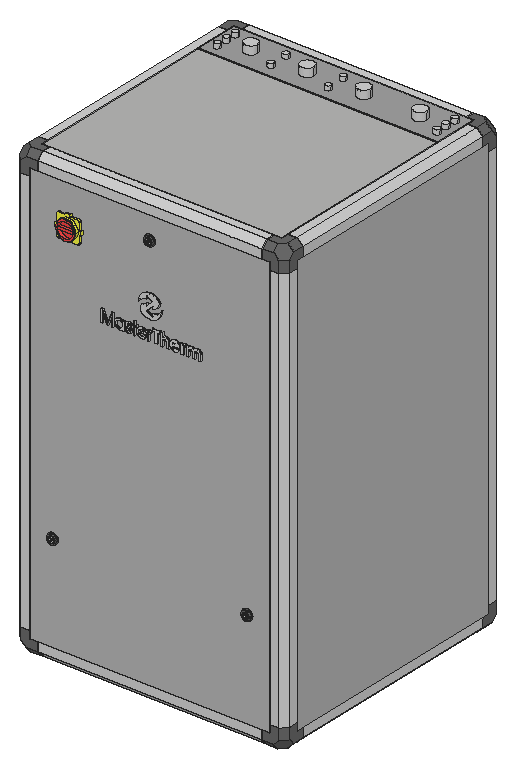
Revit family "AquaMaster-Inverter_ENG-RFA-2022", category Mechanické zařízení, Revit 2022 (continued)
Definition of nested family "MT_pipe connector"
  Dimensions and locks
    locked: plane 1 "Střed (vpředu/vzadu)" to Extrusion 8 sketch curve at 60
    "MT_EO offset_X2": Extrusion 8 sketch curve to Extrusion 4
    locked: plane 1 "Střed (vpředu/vzadu)" to Extrusion 9 sketch curve at 60
    "MT_EI offset_X2": Extrusion 9 sketch curve to Extrusion 4
    "MT_EC1_Y2": plane 1 "Střed (vpředu/vzadu)" to Extrusion 10 sketch curve
    "MT_EC1_X2": Extrusion 10 sketch curve to Extrusion 4
    "MT_EC2_Y2": plane 1 "Střed (vpředu/vzadu)" to Extrusion 11 sketch curve
    "MT_EC2_X2": Extrusion 11 sketch curve to Extrusion 4
    "MT_EC3_X2": Extrusion 12 sketch curve to Extrusion 4
    "MT_EC3_Y2": plane 1 "Střed (vpředu/vzadu)" to Extrusion 12 sketch curve
    "MT_EC4_X2": Extrusion 13 sketch curve to Extrusion 4
    "MT_EC4_Y2": plane 1 "Střed (vpředu/vzadu)" to Extrusion 13 sketch curve
    "MT_EC5_Y2": plane 1 "Střed (vpředu/vzadu)" to Extrusion 14 sketch curve
    "MT_EC5_X2": Extrusion 14 sketch curve to Extrusion 4
    "MT_EC6_Y2": plane 1 "Střed (vpředu/vzadu)" to Extrusion 15 sketch curve
    "MT_EC6_X2": Extrusion 15 sketch curve to Extrusion 4
    locked: Extrusion 7 sketch curve to plane 1 "Střed (vpředu/vzadu)" at 361
    locked: Extrusion 16 sketch curve to plane 1 "Střed (vpředu/vzadu)" at 35
    locked: Extrusion 16 sketch curve to plane 1 "Střed (vpředu/vzadu)" at 85
    "MT_desuperheater offset_X2": Extrusion 16 sketch curve to Extrusion 4  (x2)
    locked: Extrusion 17 sketch curve to Extrusion 4 at 470  (x2)
    "MT_CI diameter": diameter of Extrusion 5 sketch curve
    "MT_CO diameter": diameter of Extrusion 6 sketch curve
    "MT_EO diameter": diameter of Extrusion 8 sketch curve
    "MT_EI diameter": diameter of Extrusion 9 sketch curve
    radius of Extrusion 10 sketch curve = 8.00 mm
    radius of Extrusion 11 sketch curve = 8.00 mm
    radius of Extrusion 12 sketch curve = 8.00 mm
    radius of Extrusion 13 sketch curve = 8.00 mm
    radius of Extrusion 14 sketch curve = 8.00 mm
    radius of Extrusion 15 sketch curve = 8.00 mm
    diameter of Extrusion 16 sketch curve = 15.00 mm  (x2)
    diameter of Extrusion 17 sketch curve = 15.00 mm  (x2)
    aligned and locked: level to plane 2
    aligned and locked: Extrusion 4 sketch curve to plane 1 "Střed (vpředu/vzadu)"
    aligned and locked: Extrusion 4 sketch curve to plane 3 "Střed (vlevo/vpravo)"
    aligned and locked: Extrusion 7 sketch curve to plane 3 "Střed (vlevo/vpravo)"
  Automatic sketch dimensions
    plane 1 "Střed (vpředu/vzadu)" to Extrusion 17 sketch curve = 85.00 mm
    plane 1 "Střed (vpředu/vzadu)" to Extrusion 17 sketch curve = 35.00 mm
Types (8, lengths in mm): name | URL | Model | MT_weight (kg) | MT_voltage (V) | MT_max. current, incl. aux. heater (A) | MT_clearance top | MT_clearance right | MT_clearance left | MT_upper vent grille offset_H | MT_vent grille_YES | MT_upper vent grille offset_V | MT_power switch_YES | MT_pipe connector_X | MT_pipe connector offset | MT_pipe connector_Y | MT_pipe connector angle | MT_pivot offset | MT_lower vent grille_YES | MT_lock offset_V | MT_desuperheater_YES | MT_desuperheater offset_X | MT_desuperheater diameter | MT_cover top_Y | MT_cover top_X | MT_cover side_Y | MT_cover side_X | MT_cover front_Y | MT_cover front_X | MT_upper center lock_YES | MT_case width | MT_case height | MT_case depth | MT_angle length_Z | MT_angle length_Y | MT_angle length_X | MT_TYPE | MT_EO offset_X | MT_EO diameter | MT_EI offset_X | MT_EI diameter | MT_EC6 offset_Y | MT_EC6 offset_X | MT_EC6_YES | MT_EC5 offset_Y | MT_EC5 offset_X | MT_EC4 offset_Y | MT_EC4 offset_X | MT_EC3 offset_Y | MT_EC3 offset_X | MT_EC2 offset_Y | MT_EC2 offset_X | MT_EC1 offset_Y | MT_EC1 offset_X | MT_EC-AQ90I_YES | MT_EC AQ17I_YES | MT_CO offset_X | MT_CO diameter | MT_CI offset_X | MT_CI diameter | Komentáře k typům | El. connection | EO_brine – outlet | EI_brine – inlet | Desuperheater – inlet/outlet | CO_hot water – outlet | CI_hot water – inlet
  AQ45I | "https://mastertherm.cz/tepelne-cerpadlo-aquamaster-inverter/" | "AquaMaster Inverter 45I" | 170 | 400 V | 28 A | 1800.00 | 400.00 | 400.00 | 175.00 | yes | 200.00 | yes | 446.00 | 486.00 | 120.00 | 0.00° | 0.00 | no | 300.00 | no | 223.00 | 0.00 | 636.00 | 446.00 | 1120.00 | 636.00 | 1120.00 | 446.00 | yes | 526.00 | 1200.00 | 716.00 | 1080.00 | 596.00 | 406.00 | 45 | 273.00 | 35.00 | 373.00 | 35.00 | 30.00 | 421.00 | yes | 60.00 | 421.00 | 90.00 | 421.00 | 30.00 | 25.00 | 60.00 | 25.00 | 90.00 | 25.00 | no | no | 173.00 | 28.00 | 73.00 | 28.00 | "COMPRESSOR: BLDC Inverter; 30 – 90 rps; charge of POE oil – 1.3 l; max. op. current – 15 A; EVAPORATOR: PHE; AISI316; water flow (W/W) – 1.62 kg/s; min. flow – 1.48 kg/s; brine flow (B/W) – 0.89 kg/s; min. flow – 0.54 kg/s; temp. difference – 3 K; int. volume – 5.1 l; pump ext. head – 3.5 m; pump motor – 250 W; CONDENSER: PHE; AISI316; water flow – 0.62 kg/s; min. flow – 0.46 kg/s; temp. difference – 5 K; int. volume – 4.1 l; pump ext. head – 3.0 m; pump motor – 100 W; REFRIGERANT CIRCUIT: R410a (2.4 kg); AUX. HEATER (optional): 7.5 kW; CONTROLS: controller – pCO5; EEV – yes; water probe – yes; SHW probe/output – yes (2x); mixing probe/output – yes; outdoor probe – yes; dynamic set point – yes; refrigerant probe – 2xPT; POWER SUPPLY: 3x400 V; 50 Hz; max. current – 20 A; max. current, incl. aux. heater – 28 A; DIMENSIONS: hot water, brine – 1\", 5/4\" (OD); 120x56x72 cm; 170 kg; LIMITS: max. water overpress. – 0.25 MPa; max. refr. overpress. – 4.2 MPa; brine min./max.: -5/+20 °C; water min./max.: 20/60 °C" | "2xPG16; 4xPG13.5" | "5/4'' (OD)" | "5/4'' (OD)" | "not available" | "1'' (OD)" | "1'' (OD)"
  AQ60I | "https://mastertherm.cz/tepelne-cerpadlo-aquamaster-inverter/" | "AquaMaster Inverter 60I" | 190 | 400 V | 35 A | 1800.00 | 400.00 | 400.00 | 175.00 | yes | 200.00 | yes | 446.00 | 486.00 | 120.00 | 0.00° | 0.00 | no | 300.00 | no | 223.00 | 0.00 | 636.00 | 446.00 | 1120.00 | 636.00 | 1120.00 | 446.00 | yes | 526.00 | 1200.00 | 716.00 | 1080.00 | 596.00 | 406.00 | 60 | 273.00 | 35.00 | 373.00 | 35.00 | 30.00 | 421.00 | yes | 60.00 | 421.00 | 90.00 | 421.00 | 30.00 | 25.00 | 60.00 | 25.00 | 90.00 | 25.00 | no | no | 173.00 | 28.00 | 73.00 | 28.00 | "COMPRESSOR: BLDC Inverter Scroll; 30 – 100 rps; charge of POE oil – 1.4 l; max. op. current – 35 A; EVAPORATOR: PHE; AISI316; water flow (W/W) – 2.37 kg/s; min. flow – 2.09 kg/s; brine flow (B/W) – 1.31 kg/s; min. flow – 0.79 kg/s; temp. difference – 3 K; int. volume – 5.1 l; pump ext. head – 5.0 m; pump motor – 450 W; CONDENSER: PHE; AISI316; water flow – 0.92 kg/s; min. flow – 0.69 kg/s; temp. difference – 5 K; int. volume – 4.1 l; pump ext. head – 3.0 m; pump motor – 130 W; REFRIGERANT CIRCUIT: R410a (2.5 kg); AUX. HEATER (optional): 7.5 kW; CONTROLS: controller – pCO5; EEV – 1+1 (EVI); water probe – yes; SHW probe/output – yes (2x); mixing probe/output – yes; outdoor probe – yes; dynamic set point – yes; refrigerant probe – 2xPT; POWER SUPPLY: 3x400 V; 50 Hz; max. current – 25 A; max. current, incl. aux. heater – 35 A; DIMENSIONS: hot water, brine – 1\", 5/4\" (OD); 120x56x72 cm; 190 kg; LIMITS: max. water overpress. – 0.25 MPa; max. refr. overpress. – 4.2 MPa; brine min./max.: -5/+20 °C; water min./max.: 20/60 °C" | "2xPG16; 4xPG13.5" | "5/4'' (OD)" | "5/4'' (OD)" | "not available" | "1'' (OD)" | "1'' (OD)"
  AQ90I | "https://www.mastertherm.eu/aquamaster-inverter-heat-pump" | "AquaMaster Inverter 90I" | 210 | 400 V | 50 A | 1800.00 | 400.00 | 400.00 | 175.00 | no | 200.00 | yes | 636.00 | 676.00 | 120.00 | 0.00° | 0.00 | no | 300.00 | yes | 318.00 | 15.00 | 636.00 | 636.00 | 1120.00 | 636.00 | 1120.00 | 636.00 | yes | 716.00 | 1200.00 | 716.00 | 1080.00 | 596.00 | 596.00 | 90 | 393.00 | 35.00 | 543.00 | 35.00 | 30.00 | 608.00 | yes | 60.00 | 608.00 | 90.00 | 608.00 | 30.00 | 25.00 | 60.00 | 25.00 | 90.00 | 25.00 | yes | no | 243.00 | 35.00 | 93.00 | 35.00 | "COMPRESSOR: BLDC Inverter Scroll; 30 – 150 rps; charge of POE oil – 1.4 l; max. op. current – 35 A; EVAPORATOR: PHE; AISI316; water flow (W/W) – 3.64 kg/s; min. flow – 3.15 kg/s; brine flow (B/W) – 2.09 kg/s; min. flow – 1.26 kg/s; temp. difference – 3 K; int. volume – 5.1 l; pump ext. head – 5.0 m; pump motor – 310 W; CONDENSER: PHE; AISI316; water flow – 1.50 kg/s; min. flow – 1.12 kg/s; temp. difference – 5 K; int. volume – 4.1 l; pump ext. head – 8.0 m; pump motor – 310 W; REFRIGERANT CIRCUIT: R410a (4.0 kg); AUX. HEATER (optional): 7.5 kW; CONTROLS: controller – pCO5; EEV – 1+1 (EVI); water probe – yes; SHW probe/output – yes (2x); mixing probe/output – yes; outdoor probe – yes; dynamic set point – yes; refrigerant probe – 2xPT; POWER SUPPLY: 3x400 V; 50 Hz; max. current – 40 A; max. current, incl. aux. heater – 50 A; DIMENSIONS: hot water, brine – 5/4\", 5/4\" (OD); 120x72x72 cm; 210 kg; LIMITS: max. water overpress. – 0.25 MPa; max. refr. overpress. – 4.2 MPa; brine min./max.: -5/+20 °C; water min./max.: 20/60 °C" | "2xPG21; 2xPG16; 4xPG13.5" | "5/4'' (OD)" | "5/4'' (OD)" | "2xCu Ø15 mm (ID)" | "5/4'' (OD)" | "5/4'' (OD)"
  AQ17I | "https://mastertherm.cz/tepelne-cerpadlo-aquamaster-inverter/" | "AquaMaster Inverter 17I" | 60 | 230 V | 16 A | 1400.00 | 600.00 | 200.00 | 293.00 | yes | 150.00 | no | 720.00 | 760.00 | 85.00 | 90.00° | 526.00 | yes | 400.00 | no | 360.00 | 0.00 | 446.00 | 446.00 | 720.00 | 446.00 | 720.00 | 446.00 | no | 526.00 | 800.00 | 526.00 | 680.00 | 406.00 | 406.00 | 17 | 100.00 | 28.00 | 320.00 | 28.00 | 403.00 | 421.00 | no | 403.00 | 630.00 | 403.00 | 560.00 | 403.00 | 480.00 | 403.00 | 410.00 | 403.00 | 330.00 | no | yes | 660.00 | 28.00 | 440.00 | 28.00 | "COMPRESSOR: BLDC Inverter; 15 – 65 rps; charge of POE oil – 0.9 l; max. op. current – 16 A; EVAPORATOR: PHE; AISI316; water flow (W/W) – 0.38 kg/s; min. flow – 0.28 kg/s; brine flow (B/W) – 0.19 kg/s; min. flow – 0.11 kg/s; temp. difference – 3 K; int. volume – 2.0 l; pump ext. head – 7.0 m; pump motor – 70 W; CONDENSER: PHE; AISI316; water flow – 0.14 kg/s; min. flow – 0.09 kg/s; temp. difference – 5 K; int. volume – 4.1 l; pump ext. head – 7.0 m; pump motor – 70 W; REFRIGERANT CIRCUIT: R410a (0.75 kg); AUX. HEATER (optional): not available; CONTROLS: controller – uPC; EEV – yes; water probe – yes; SHW probe/output – no; mixing probe/output – yes; outdoor probe – yes; dynamic set point – yes; refrigerant probe – 2xPT; POWER SUPPLY: 1x230 V; 50 Hz; max. current – 16 A; DIMENSIONS: hot water, brine – 1\", 1\" (OD); 82x53x53 cm; 60 kg; LIMITS: max. water overpress. – 0.25 MPa; max. refr. overpress. – 4.2 MPa; brine min./max.: -5/+20 °C; water min./max.: 20/60 °C" | "2xPG16; 4xPG13.5" | "1'' (OD)" | "1'' (OD)" | "not available" | "1'' (OD)" | "1'' (OD)"
  AQ22I | "https://mastertherm.cz/tepelne-cerpadlo-aquamaster-inverter/" | "AquaMaster Inverter 22I" | 160 | 230 V | 16 A | 1800.00 | 400.00 | 400.00 | 175.00 | yes | 200.00 | yes | 446.00 | 486.00 | 120.00 | 0.00° | 0.00 | no | 300.00 | no | 223.00 | 0.00 | 636.00 | 446.00 | 1120.00 | 636.00 | 1120.00 | 446.00 | yes | 526.00 | 1200.00 | 716.00 | 1080.00 | 596.00 | 406.00 | 22 | 273.00 | 28.00 | 373.00 | 28.00 | 30.00 | 421.00 | yes | 60.00 | 421.00 | 90.00 | 421.00 | 30.00 | 25.00 | 60.00 | 25.00 | 90.00 | 25.00 | no | no | 173.00 | 28.00 | 73.00 | 28.00 | "COMPRESSOR: BLDC Inverter; 30 – 100 rps; charge of POE oil – 1.3 l; max. op. current – 16 A; EVAPORATOR: PHE; AISI316; water flow (W/W) – 0.50 kg/s; min. flow – 0.44 kg/s; brine flow (B/W) – 0.28 kg/s; min. flow – 0.17 kg/s; temp. difference – 3 K; int. volume – 5.1 l; pump ext. head – 3.0 m; pump motor – 100 W; CONDENSER: PHE; AISI316; water flow – 0.20 kg/s; min. flow – 0.15 kg/s; temp. difference – 5 K; int. volume – 4.1 l; pump ext. head – 3.0 m; pump motor – 100 W; REFRIGERANT CIRCUIT: R410a (1.5 kg); AUX. HEATER (optional): 3 – 4 kW (4.5 – 6 kW bez kompresoru); CONTROLS: controller – pCO5; EEV – yes; water probe – yes; SHW probe/output – yes (2x); mixing probe/output – yes; outdoor probe – yes; dynamic set point – yes; refrigerant probe – 2xPT; POWER SUPPLY: 1x230 (3x400) V; 50 Hz; max. current – 16/0/0 A; max. current, incl. aux. heater – 16/10/10 A; DIMENSIONS: hot water, brine – 1\", 1\" (OD); 120x56x72 cm; 160 kg; LIMITS: max. water overpress. – 0.25 MPa; max. refr. overpress. – 4.2 MPa; brine min./max.: -5/+20 °C; water min./max.: 20/60 °C" | "2xPG16; 4xPG13.5" | "1'' (OD)" | "1'' (OD)" | "not available" | "1'' (OD)" | "1'' (OD)"
  AQ26I | "https://mastertherm.cz/tepelne-cerpadlo-aquamaster-inverter/" | "AquaMaster Inverter 26I" | 160 | 230 V | 20 A | 1800.00 | 400.00 | 400.00 | 175.00 | yes | 200.00 | yes | 446.00 | 486.00 | 120.00 | 0.00° | 0.00 | no | 300.00 | no | 223.00 | 0.00 | 636.00 | 446.00 | 1120.00 | 636.00 | 1120.00 | 446.00 | yes | 526.00 | 1200.00 | 716.00 | 1080.00 | 596.00 | 406.00 | 26 | 273.00 | 28.00 | 373.00 | 28.00 | 30.00 | 421.00 | yes | 60.00 | 421.00 | 90.00 | 421.00 | 30.00 | 25.00 | 60.00 | 25.00 | 90.00 | 25.00 | no | no | 173.00 | 28.00 | 73.00 | 28.00 | "COMPRESSOR: BLDC Inverter; 20 – 75 rps; charge of POE oil – 0.9 l; max. op. current – 20 A; EVAPORATOR: PHE; AISI316; water flow (W/W) – 1.03 kg/s; min. flow – 0.77 kg/s; brine flow (B/W) – 0.48 kg/s; min. flow – 0.29 kg/s; temp. difference – 3 K; int. volume – 5.1 l; pump ext. head – 4.0 m; pump motor – 70 W; CONDENSER: PHE; AISI316; water flow – 0.36 kg/s; min. flow – 0.25 kg/s; temp. difference – 5 K; int. volume – 4.1 l; pump ext. head – 6.0 m; pump motor – 70 W; REFRIGERANT CIRCUIT: R410a (1.3 kg); AUX. HEATER (optional): 3 – 4 kW (4.5 – 6 kW bez kompresoru); CONTROLS: controller – pCO5; EEV – yes; water probe – yes; SHW probe/output – yes (2x); mixing probe/output – yes; outdoor probe – yes; dynamic set point – yes; refrigerant probe – 2xPT; POWER SUPPLY: 1x230 (3x400) V; 50 Hz; max. current – 20/0/0 A; max. current, incl. aux. heater – 20/10/10 A; DIMENSIONS: hot water, brine – 1\", 1\" (OD); 120x56x72 cm; 160 kg; LIMITS: max. water overpress. – 0.25 MPa; max. refr. overpress. – 4.2 MPa; brine min./max.: -5/+20 °C; water min./max.: 20/60 °C" | "2xPG16; 4xPG13.5" | "1'' (OD)" | "1'' (OD)" | "not available" | "1'' (OD)" | "1'' (OD)"
  AQ30I | "https://mastertherm.cz/tepelne-cerpadlo-aquamaster-inverter/" | "AquaMaster Inverter 30I" | 160 | 230 V | 25 A | 1800.00 | 400.00 | 400.00 | 175.00 | yes | 200.00 | yes | 446.00 | 486.00 | 120.00 | 0.00° | 0.00 | no | 300.00 | no | 223.00 | 0.00 | 636.00 | 446.00 | 1120.00 | 636.00 | 1120.00 | 446.00 | yes | 526.00 | 1200.00 | 716.00 | 1080.00 | 596.00 | 406.00 | 30 | 273.00 | 28.00 | 373.00 | 28.00 | 30.00 | 421.00 | yes | 60.00 | 421.00 | 90.00 | 421.00 | 30.00 | 25.00 | 60.00 | 25.00 | 90.00 | 25.00 | no | no | 173.00 | 28.00 | 73.00 | 28.00 | "COMPRESSOR: BLDC Inverter; 30 – 90 rps; charge of POE oil – 0.75 l; max. op. current – 25 A; EVAPORATOR: PHE; AISI316; water flow (W/W) – 0.89 kg/s; min. flow – 0.79 kg/s; brine flow (B/W) – 0.50 kg/s; min. flow – 0.30 kg/s; temp. difference – 3 K; int. volume – 5.1 l; pump ext. head – 3.5 m; pump motor – 250 W; CONDENSER: PHE; AISI316; water flow – 0.34 kg/s; min. flow – 0.26 kg/s; temp. difference – 5 K; int. volume – 4.1 l; pump ext. head – 3.0 m; pump motor – 100 W; REFRIGERANT CIRCUIT: R410a (1.7 kg); AUX. HEATER (optional): 6 kW; CONTROLS: controller – pCO5; EEV – yes; water probe – yes; SHW probe/output – yes (2x); mixing probe/output – yes; outdoor probe – yes; dynamic set point – yes; refrigerant probe – 2xPT; POWER SUPPLY: 1x230 V; 50 Hz; max. current – 25 A; max. current, incl. aux. heater – 25 A; DIMENSIONS: hot water, brine – 1\", 1\" (OD); 120x56x72 cm; 160 kg; LIMITS: max. water overpress. – 0.25 MPa; max. refr. overpress. – 4.2 MPa; brine min./max.: -5/+20 °C; water min./max.: 20/60 °C" | "2xPG16; 4xPG13.5" | "1'' (OD)" | "1'' (OD)" | "not available" | "1'' (OD)" | "1'' (OD)"
  AQ37I | "https://mastertherm.cz/tepelne-cerpadlo-aquamaster-inverter/" | "AquaMaster Inverter 37I" | 165 | 400 V | 22 A | 1800.00 | 400.00 | 400.00 | 175.00 | yes | 200.00 | yes | 446.00 | 486.00 | 120.00 | 0.00° | 0.00 | no | 300.00 | no | 223.00 | 0.00 | 636.00 | 446.00 | 1120.00 | 636.00 | 1120.00 | 446.00 | yes | 526.00 | 1200.00 | 716.00 | 1080.00 | 596.00 | 406.00 | 37 | 273.00 | 28.00 | 373.00 | 28.00 | 30.00 | 421.00 | yes | 60.00 | 421.00 | 90.00 | 421.00 | 30.00 | 25.00 | 60.00 | 25.00 | 90.00 | 25.00 | no | no | 173.00 | 28.00 | 73.00 | 28.00 | "COMPRESSOR: BLDC Inverter; 20 – 100 rps; charge of POE oil – 0.95 l; max. op. current – 16 A; EVAPORATOR: PHE; AISI316; water flow (W/W) – 1.44 kg/s; min. flow – 1.08 kg/s; brine flow (B/W) – 0.67 kg/s; min. flow – 0.40 kg/s; temp. difference – 3 K; int. volume – 5.1 l; pump ext. head – 5.0 m; pump motor – 130 W; CONDENSER: PHE; AISI316; water flow – 0.46 kg/s; min. flow – 0.35 kg/s; temp. difference – 5 K; int. volume – 4.1 l; pump ext. head – 5.0 m; pump motor – 70 W; REFRIGERANT CIRCUIT: R410a (1.7 kg); AUX. HEATER (optional): 7.5 kW; CONTROLS: controller – pCO5; EEV – yes; water probe – yes; SHW probe/output – yes (2x); mixing probe/output – yes; outdoor probe – yes; dynamic set point – yes; refrigerant probe – 2xPT; POWER SUPPLY: 3x400 V; 50 Hz; max. current – 17 A; max. current, incl. aux. heater – 22 A; DIMENSIONS: hot water, brine – 1\", 1\" (OD); 120x56x72 cm; 165 kg; LIMITS: max. water overpress. – 0.25 MPa; max. refr. overpress. – 4.2 MPa; brine min./max.: -5/+20 °C; water min./max.: 20/60 °C" | "2xPG16; 4xPG13.5" | "1'' (OD)" | "1'' (OD)" | "not available" | "1'' (OD)" | "1'' (OD)"
